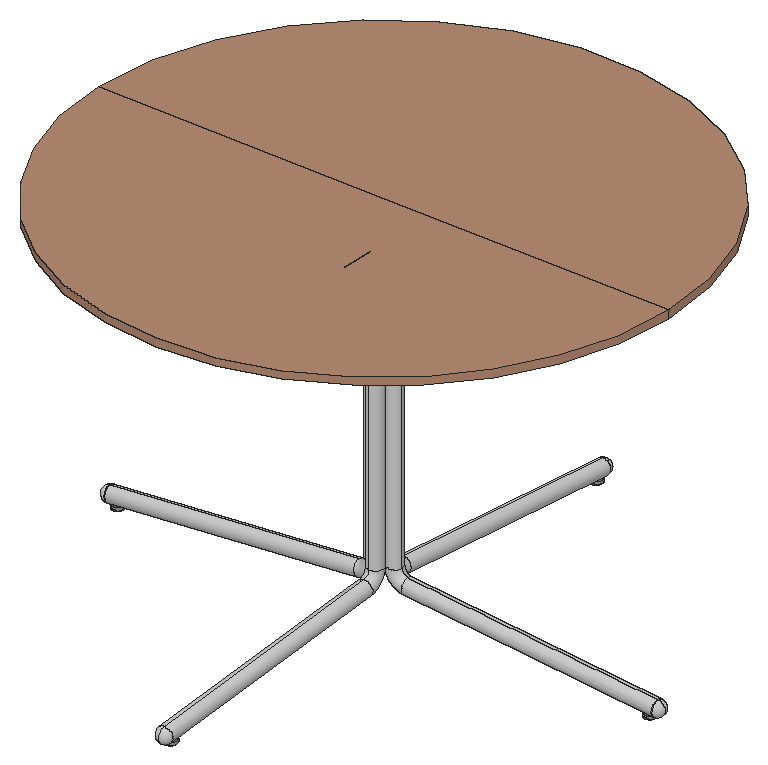
Revit family "FU_Table_Sandler_Moon_8-1", category Furniture, Revit 2020
Family settings
  OmniClass Number = 23.40.20.00
  OmniClass Title = General Furniture and Specialties
  Work Plane-Based = No
  Always vertical = Yes
  Cut with Voids When Loaded = No
  Shared = No
  Room Calculation Point = No
Parameters (values of type "Moon Table 8.1")
  URL = "https://www.sandlerseating.com/product/moon-8-1/"
  Top Finish = Wood - Oak - Walnut
  Top Diameter = 600 mm  # constant formula
  Model = "Moon 8.1"
  Manufacturer = "Sandler"
  Description = "Table with four spoke steel rod frame. The table top is available in varnished oak veneer or lacquered colors. Table top size: Ø60cm."
  Default Elevation = 0 mm
  Base Frame Finish = Metal - Chrome - Polished
Reference planes
  plane 1 "Center (Front/Back)": y = 0
  plane 2: z = 0
  plane 3 "Center (Left/Right)": x = 0
  plane 4: x = 300
  plane 5: x = -300
  plane 6: y = 300
  plane 7: y = -300
  plane 8 "Height": z = 390
  plane 9: z = 367
Forms (mm)
  Sweep 1, solid, material "Metal - Chrome - Polished" <- "Base Frame Finish"
    path origin (0, 0, 0) x (0, 1, 0) y (0, 0, 1)
      loop
        line (-288, 10.747) -> (-25.019, 33.529)
        arc (-25.019, 33.529) -> (-15.259, 38.335) -> (-11.314, 48.473) r 15
        line (-11.314, 48.473) -> (-11.314, 344.003)
        arc (-11.314, 344.003) -> (-15.706, 354.608) -> (-26.31, 359) r 14.997
        line (-26.31, 359) -> (-168, 359)
    profile origin (0, -156.51, 22.138) x (0, -0.086309, 0.996268) y (1, 0, 0)
      loop
        circle (0, 0) r 8
  Revolve 2, solid, material "Metal - Chrome - Polished" <- "Base Frame Finish"
    sketch origin (0, 0, 0) x (0, 1, 0) y (0, 0, 1)
      loop
        line (-295.957, 10.057) -> (-288, 10.747) -> (-288.69, 18.717)
        arc (-288.69, 18.717) -> (-294.104, 15.881) -> (-295.957, 10.057) r 8.034
      axis (-288, 10.747) -> (-295.957, 10.057)
    angle from 0 to 360
  Revolve 3, solid, material "Metal - Chrome - Polished" <- "Base Frame Finish"
    sketch origin (0, 0, 0) x (0, 1, 0) y (0, 0, 1)
      loop
        line (-168, 358.998) -> (-168, 367)
        arc (-168, 367) -> (-169.415, 366.405) -> (-170, 364.986) r 2.014
        line (-170, 364.986) -> (-170, 358.998) -> (-168, 358.998)
      axis (-168, 358.998) -> (-170, 358.998)
    angle from 0 to 360
  Revolve 4, solid, material "Rubber, Black"
    sketch origin (0, 0, 0) x (0, 1, 0) y (0, 0, 1)
      loop
        line (-280, 15) -> (-284, 15) -> (-285, 13) -> (-285, 3) -> (-286, 3) -> (-286, 0.965)
        arc (-286, 0.965) -> (-285.717, 0.283) -> (-285.035, 0) r 0.965
        line (-285.035, 0) -> (-280, 0) -> (-280, 15)
      axis (-280, 15) -> (-280, 0)
    angle from 0 to 360
  Sweep 5, solid, material "Metal - Chrome - Polished" <- "Base Frame Finish"
    path origin (0, 0, 0) x (-1, 0, 0) y (0, 0, 1)
      loop
        line (-288, 10.747) -> (-25.019, 33.529)
        arc (-25.019, 33.529) -> (-15.259, 38.335) -> (-11.314, 48.473) r 15
        line (-11.314, 48.473) -> (-11.314, 344.003)
        arc (-11.314, 344.003) -> (-15.706, 354.608) -> (-26.31, 359) r 14.997
        line (-26.31, 359) -> (-168, 359)
    profile origin (156.51, 0, 22.138) x (0.086309, 0, 0.996268) y (0, 1, 0)
      loop
        circle (0, 0) r 8
  Revolve 6, solid, material "Metal - Chrome - Polished" <- "Base Frame Finish"
    sketch origin (0, 0, 0) x (-1, 0, 0) y (0, 0, 1)
      loop
        line (-295.957, 10.057) -> (-288, 10.747) -> (-288.69, 18.717)
        arc (-288.69, 18.717) -> (-294.104, 15.881) -> (-295.957, 10.057) r 8.034
      axis (-288, 10.747) -> (-295.957, 10.057)
    angle from 0 to 360
  Revolve 7, solid, material "Metal - Chrome - Polished" <- "Base Frame Finish"
    sketch origin (0, 0, 0) x (-1, 0, 0) y (0, 0, 1)
      loop
        line (-168, 358.998) -> (-168, 367)
        arc (-168, 367) -> (-169.415, 366.405) -> (-170, 364.986) r 2.014
        line (-170, 364.986) -> (-170, 358.998) -> (-168, 358.998)
      axis (-168, 358.998) -> (-170, 358.998)
    angle from 0 to 360
  Revolve 8, solid, material "Rubber, Black"
    sketch origin (0, 0, 0) x (-1, 0, 0) y (0, 0, 1)
      loop
        line (-280, 15) -> (-284, 15) -> (-285, 13) -> (-285, 3) -> (-286, 3) -> (-286, 0.965)
        arc (-286, 0.965) -> (-285.717, 0.283) -> (-285.035, 0) r 0.965
        line (-285.035, 0) -> (-280, 0) -> (-280, 15)
      axis (-280, 15) -> (-280, 0)
    angle from 0 to 360
  Sweep 9, solid, material "Metal - Chrome - Polished" <- "Base Frame Finish"
    path origin (0, 0, 0) x (0, -1, 0) y (0, 0, 1)
      loop
        line (-288, 10.747) -> (-25.019, 33.529)
        arc (-25.019, 33.529) -> (-15.259, 38.335) -> (-11.314, 48.473) r 15
        line (-11.314, 48.473) -> (-11.314, 344.003)
        arc (-11.314, 344.003) -> (-15.706, 354.608) -> (-26.31, 359) r 14.997
        line (-26.31, 359) -> (-168, 359)
    profile origin (0, 156.51, 22.138) x (0, 0.086309, 0.996268) y (-1, 0, 0)
      loop
        circle (0, 0) r 8
  Revolve 10, solid, material "Metal - Chrome - Polished" <- "Base Frame Finish"
    sketch origin (0, 0, 0) x (0, -1, 0) y (0, 0, 1)
      loop
        line (-295.957, 10.057) -> (-288, 10.747) -> (-288.69, 18.717)
        arc (-288.69, 18.717) -> (-294.104, 15.881) -> (-295.957, 10.057) r 8.034
      axis (-288, 10.747) -> (-295.957, 10.057)
    angle from 0 to 360
  Revolve 11, solid, material "Metal - Chrome - Polished" <- "Base Frame Finish"
    sketch origin (0, 0, 0) x (0, -1, 0) y (0, 0, 1)
      loop
        line (-168, 358.998) -> (-168, 367)
        arc (-168, 367) -> (-169.415, 366.405) -> (-170, 364.986) r 2.014
        line (-170, 364.986) -> (-170, 358.998) -> (-168, 358.998)
      axis (-168, 358.998) -> (-170, 358.998)
    angle from 0 to 360
  Revolve 12, solid, material "Rubber, Black"
    sketch origin (0, 0, 0) x (0, -1, 0) y (0, 0, 1)
      loop
        line (-280, 15) -> (-284, 15) -> (-285, 13) -> (-285, 3) -> (-286, 3) -> (-286, 0.965)
        arc (-286, 0.965) -> (-285.717, 0.283) -> (-285.035, 0) r 0.965
        line (-285.035, 0) -> (-280, 0) -> (-280, 15)
      axis (-280, 15) -> (-280, 0)
    angle from 0 to 360
  Sweep 13, solid, material "Metal - Chrome - Polished" <- "Base Frame Finish"
    path origin (0, 0, 0) x (1, 0, 0) y (0, 0, 1)
      loop
        line (-288, 10.747) -> (-25.019, 33.529)
        arc (-25.019, 33.529) -> (-15.259, 38.335) -> (-11.314, 48.473) r 15
        line (-11.314, 48.473) -> (-11.314, 344.003)
        arc (-11.314, 344.003) -> (-15.706, 354.608) -> (-26.31, 359) r 14.997
        line (-26.31, 359) -> (-168, 359)
    profile origin (-156.51, 0, 22.138) x (-0.086309, 0, 0.996268) y (0, -1, 0)
      loop
        circle (0, 0) r 8
  Revolve 14, solid, material "Metal - Chrome - Polished" <- "Base Frame Finish"
    sketch origin (0, 0, 0) x (1, 0, 0) y (0, 0, 1)
      loop
        line (-295.957, 10.057) -> (-288, 10.747) -> (-288.69, 18.717)
        arc (-288.69, 18.717) -> (-294.104, 15.881) -> (-295.957, 10.057) r 8.034
      axis (-288, 10.747) -> (-295.957, 10.057)
    angle from 0 to 360
  Revolve 15, solid, material "Metal - Chrome - Polished" <- "Base Frame Finish"
    sketch origin (0, 0, 0) x (1, 0, 0) y (0, 0, 1)
      loop
        line (-168, 358.998) -> (-168, 367)
        arc (-168, 367) -> (-169.415, 366.405) -> (-170, 364.986) r 2.014
        line (-170, 364.986) -> (-170, 358.998) -> (-168, 358.998)
      axis (-168, 358.998) -> (-170, 358.998)
    angle from 0 to 360
  Revolve 16, solid, material "Rubber, Black"
    sketch origin (0, 0, 0) x (1, 0, 0) y (0, 0, 1)
      loop
        line (-280, 15) -> (-284, 15) -> (-285, 13) -> (-285, 3) -> (-286, 3) -> (-286, 0.965)
        arc (-286, 0.965) -> (-285.717, 0.283) -> (-285.035, 0) r 0.965
        line (-285.035, 0) -> (-280, 0) -> (-280, 15)
      axis (-280, 15) -> (-280, 0)
    angle from 0 to 360
  Revolve 17, solid, material "Wood - Oak - Walnut" <- "Top Finish"
    sketch origin (0, 0, 0) x (1, 0, 0) y (0, 0, 1)
      loop
        line (0, 390) -> (-300, 390) -> (-300, 382.018) -> (-273.866, 372.539)
        arc (-273.866, 372.539) -> (-258.348, 368.395) -> (-242.346, 367) r 92.442
        line (-242.346, 367) -> (0, 367) -> (0, 390)
      axis (0, 390) -> (0, 367)
    angle from 0 to 360
Cuts and joins
  joined: Sweep 1, Revolve 2, Revolve 3
Dimensions and locks
  equal spacing: plane 5, plane 3 "Center (Left/Right)", plane 4
  "Top Diameter": plane 5 to plane 4
  plane 6 to plane 1 "Center (Front/Back)" to plane 7 = 300 mm, 300 mm
  "Top Diameter": plane 6 to plane 7
  aligned and locked: level to plane 2
  aligned and locked: plane 3 "Center (Left/Right)" to Revolve 17 sketch curve
Automatic sketch dimensions
  Sweep 1 sketch curve to Sweep 1 sketch curve = 1.295 mm
  Sweep 1 sketch curve to profile plane = 0 mm  (x2)
  Revolve 2 sketch curve to Revolve 2 sketch curve = 7.266 mm
  Revolve 2 sketch curve to Revolve 2 sketch curve = 7.957 mm
  Revolve 2 sketch curve to Revolve 2 sketch curve = 0.05 mm
  Revolve 2 sketch curve to Revolve 2 sketch curve = 0.66 mm
  Revolve 2 sketch curve to Revolve 2 sketch curve = 6.737 mm
  Revolve 2 sketch curve to Revolve 2 sketch curve = 0.267 mm
  Revolve 2 sketch curve to Revolve 2 sketch curve = 0.617 mm
  Revolve 3 sketch curve to Revolve 3 sketch curve = 2 mm
  Revolve 3 sketch curve to Revolve 3 sketch curve = 0.014 mm
  Revolve 3 sketch curve to Revolve 3 sketch curve = 2.354 mm
  Revolve 3 sketch curve to Revolve 3 sketch curve = 0.793 mm
  Revolve 3 sketch curve to Revolve 3 sketch curve = 0 mm
  Revolve 4 sketch curve to Revolve 4 sketch curve = 0.965 mm
  Revolve 4 sketch curve to Revolve 4 sketch curve = 1 mm  (x2)
  Revolve 4 sketch curve to Revolve 4 sketch curve = 5.035 mm
  Revolve 4 sketch curve to Revolve 4 sketch curve = 10 mm
  Revolve 4 sketch curve to Revolve 4 sketch curve = 2 mm
  Revolve 4 sketch curve to Revolve 4 sketch curve = 0 mm  (x2)
  Sweep 1 sketch curve to Sweep 1 sketch curve = 0.003 mm
  Sweep 1 sketch curve to Sweep 1 sketch curve = 14.997 mm
  Sweep 1 sketch curve to Sweep 1 sketch curve = 295.53 mm
  Sweep 1 sketch curve to Sweep 1 sketch curve = 141.69 mm
  Sweep 1 sketch curve to Sweep 1 sketch curve = 262.981 mm
  Sweep 1 sketch curve to Sweep 1 sketch curve = 22.783 mm
  Revolve 2 sketch curve to Revolve 2 sketch curve = 3.086 mm
  Revolve 3 sketch curve to Revolve 3 sketch curve = 5.988 mm
  Revolve 4 sketch curve to Revolve 4 sketch curve = 2.035 mm
  Revolve 4 sketch curve to Revolve 4 sketch curve = 2.051 mm
  Sweep 5 sketch curve to Sweep 5 sketch curve = 1.295 mm
  Sweep 5 sketch curve to profile plane = 0 mm  (x2)
  Revolve 6 sketch curve to Revolve 6 sketch curve = 7.266 mm
  Revolve 6 sketch curve to Revolve 6 sketch curve = 7.957 mm
  Revolve 6 sketch curve to Revolve 6 sketch curve = 0.05 mm
  Revolve 6 sketch curve to Revolve 6 sketch curve = 0.66 mm
  Revolve 6 sketch curve to Revolve 6 sketch curve = 6.737 mm
  Revolve 6 sketch curve to Revolve 6 sketch curve = 0.267 mm
  Revolve 6 sketch curve to Revolve 6 sketch curve = 0.617 mm
  Revolve 7 sketch curve to Revolve 7 sketch curve = 2 mm
  Revolve 7 sketch curve to Revolve 7 sketch curve = 0.014 mm
  Revolve 7 sketch curve to Revolve 7 sketch curve = 2.354 mm
  Revolve 7 sketch curve to Revolve 7 sketch curve = 0.793 mm
  Revolve 7 sketch curve to Revolve 7 sketch curve = 0 mm
  Revolve 8 sketch curve to Revolve 8 sketch curve = 0.965 mm
  Revolve 8 sketch curve to Revolve 8 sketch curve = 1 mm  (x2)
  Revolve 8 sketch curve to Revolve 8 sketch curve = 5.035 mm
  Revolve 8 sketch curve to Revolve 8 sketch curve = 10 mm
  Revolve 8 sketch curve to Revolve 8 sketch curve = 2 mm
  Revolve 8 sketch curve to Revolve 8 sketch curve = 0 mm  (x2)
  Sweep 5 sketch curve to Sweep 5 sketch curve = 0.003 mm
  Sweep 5 sketch curve to Sweep 5 sketch curve = 14.997 mm
  Sweep 5 sketch curve to Sweep 5 sketch curve = 295.53 mm
  Sweep 5 sketch curve to Sweep 5 sketch curve = 141.69 mm
  Sweep 5 sketch curve to Sweep 5 sketch curve = 262.981 mm
  Sweep 5 sketch curve to Sweep 5 sketch curve = 22.783 mm
  Revolve 6 sketch curve to Revolve 6 sketch curve = 3.086 mm
  Revolve 7 sketch curve to Revolve 7 sketch curve = 5.988 mm
  Revolve 8 sketch curve to Revolve 8 sketch curve = 2.035 mm
  Revolve 8 sketch curve to Revolve 8 sketch curve = 2.051 mm
  Sweep 9 sketch curve to Sweep 9 sketch curve = 1.295 mm
  Sweep 9 sketch curve to profile plane = 0 mm  (x2)
  Revolve 10 sketch curve to Revolve 10 sketch curve = 7.266 mm
  Revolve 10 sketch curve to Revolve 10 sketch curve = 7.957 mm
  Revolve 10 sketch curve to Revolve 10 sketch curve = 0.05 mm
  Revolve 10 sketch curve to Revolve 10 sketch curve = 0.66 mm
  Revolve 10 sketch curve to Revolve 10 sketch curve = 6.737 mm
  Revolve 10 sketch curve to Revolve 10 sketch curve = 0.267 mm
  Revolve 10 sketch curve to Revolve 10 sketch curve = 0.617 mm
  Revolve 11 sketch curve to Revolve 11 sketch curve = 2 mm
  Revolve 11 sketch curve to Revolve 11 sketch curve = 0.014 mm
  Revolve 11 sketch curve to Revolve 11 sketch curve = 2.354 mm
  Revolve 11 sketch curve to Revolve 11 sketch curve = 0.793 mm
  Revolve 11 sketch curve to Revolve 11 sketch curve = 0 mm
  Revolve 12 sketch curve to Revolve 12 sketch curve = 0.965 mm
  Revolve 12 sketch curve to Revolve 12 sketch curve = 1 mm  (x2)
  Revolve 12 sketch curve to Revolve 12 sketch curve = 5.035 mm
  Revolve 12 sketch curve to Revolve 12 sketch curve = 10 mm
  Revolve 12 sketch curve to Revolve 12 sketch curve = 2 mm
  Revolve 12 sketch curve to Revolve 12 sketch curve = 0 mm  (x2)
  Sweep 9 sketch curve to Sweep 9 sketch curve = 0.003 mm
  Sweep 9 sketch curve to Sweep 9 sketch curve = 14.997 mm
  Sweep 9 sketch curve to Sweep 9 sketch curve = 295.53 mm
  Sweep 9 sketch curve to Sweep 9 sketch curve = 141.69 mm
  Sweep 9 sketch curve to Sweep 9 sketch curve = 262.981 mm
  Sweep 9 sketch curve to Sweep 9 sketch curve = 22.783 mm
  Revolve 10 sketch curve to Revolve 10 sketch curve = 3.086 mm
  Revolve 11 sketch curve to Revolve 11 sketch curve = 5.988 mm
  Revolve 12 sketch curve to Revolve 12 sketch curve = 2.035 mm
  Revolve 12 sketch curve to Revolve 12 sketch curve = 2.051 mm
  Sweep 13 sketch curve to Sweep 13 sketch curve = 1.295 mm
  Sweep 13 sketch curve to profile plane = 0 mm  (x2)
  Revolve 14 sketch curve to Revolve 14 sketch curve = 7.266 mm
  Revolve 14 sketch curve to Revolve 14 sketch curve = 7.957 mm
  Revolve 14 sketch curve to Revolve 14 sketch curve = 0.05 mm
  Revolve 14 sketch curve to Revolve 14 sketch curve = 0.66 mm
  Revolve 14 sketch curve to Revolve 14 sketch curve = 6.737 mm
  Revolve 14 sketch curve to Revolve 14 sketch curve = 0.267 mm
  Revolve 14 sketch curve to Revolve 14 sketch curve = 0.617 mm
  Revolve 15 sketch curve to Revolve 15 sketch curve = 2 mm
  Revolve 15 sketch curve to Revolve 15 sketch curve = 0.014 mm
  Revolve 15 sketch curve to Revolve 15 sketch curve = 2.354 mm
  Revolve 15 sketch curve to Revolve 15 sketch curve = 0.793 mm
  Revolve 15 sketch curve to Revolve 15 sketch curve = 0 mm
  Revolve 16 sketch curve to Revolve 16 sketch curve = 0.965 mm
  Revolve 16 sketch curve to Revolve 16 sketch curve = 1 mm  (x2)
  Revolve 16 sketch curve to Revolve 16 sketch curve = 5.035 mm
  Revolve 16 sketch curve to Revolve 16 sketch curve = 10 mm
  Revolve 16 sketch curve to Revolve 16 sketch curve = 2 mm
  Revolve 16 sketch curve to Revolve 16 sketch curve = 0 mm  (x2)
  Sweep 13 sketch curve to Sweep 13 sketch curve = 0.003 mm
  Sweep 13 sketch curve to Sweep 13 sketch curve = 14.997 mm
  Sweep 13 sketch curve to Sweep 13 sketch curve = 295.53 mm
  Sweep 13 sketch curve to Sweep 13 sketch curve = 141.69 mm
  Sweep 13 sketch curve to Sweep 13 sketch curve = 262.981 mm
  Sweep 13 sketch curve to Sweep 13 sketch curve = 22.783 mm
  Revolve 14 sketch curve to Revolve 14 sketch curve = 3.086 mm
  Revolve 15 sketch curve to Revolve 15 sketch curve = 5.988 mm
  Revolve 16 sketch curve to Revolve 16 sketch curve = 2.035 mm
  Revolve 16 sketch curve to Revolve 16 sketch curve = 2.051 mm
  Revolve 17 sketch curve to plane 5 = 0 mm
  Revolve 17 sketch curve to plane 9 = 0 mm
  Revolve 17 sketch curve to plane 3 "Center (Left/Right)" = 0 mm
  Revolve 17 sketch curve to plane 8 "Height" = 0 mm
  plane 9 to Revolve 17 sketch curve = 5.539 mm
  plane 5 to Revolve 17 sketch curve = 26.134 mm
  Revolve 17 sketch curve to Revolve 17 sketch curve = 31.519 mm
  Revolve 17 sketch curve to plane 8 "Height" = 7.982 mm
  Revolve 17 sketch curve to plane 9 = 9.876 mm
  Revolve 17 sketch curve to Revolve 17 sketch curve = 12.124 mm
  radius of Sweep 1 sketch curve = 8 mm
  radius of Sweep 5 sketch curve = 8 mm
  radius of Sweep 9 sketch curve = 8 mm
  radius of Sweep 13 sketch curve = 8 mm
